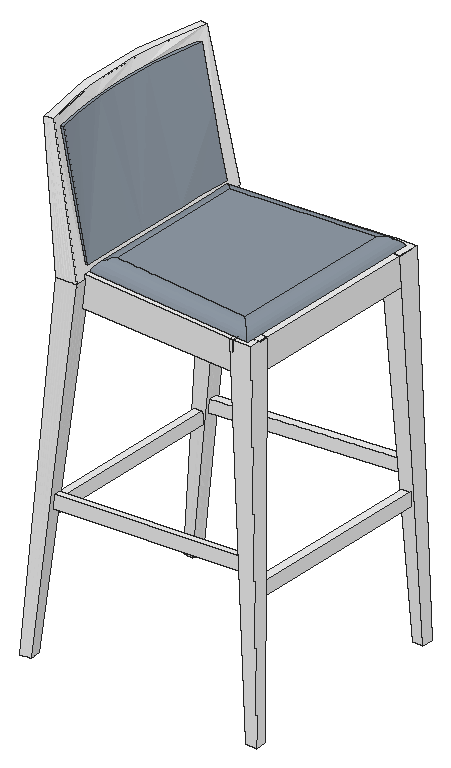
Revit family "FU_Stool_Sandler_FLAME 3-1", category Furniture, Revit 2020
Family settings
  OmniClass Number = 23.21.23.15.17
  Work Plane-Based = Yes
  Always vertical = No
  Cut with Voids When Loaded = No
  Shared = No
  Room Calculation Point = No
Parameters (values of type "FLAME 3.1")
  Youtube clip = ""
  Uniformat II Description = "Movable Furnishings"
  Uniformat II Code = ""
  Uniclass 2015 Name = ""
  Uniclass 2015 Code = ""
  Uniclass 2.0 Description = ""
  Uniclass 2.0 Code = ""
  Uniclass 1.4 Description = ""
  Uniclass 1.4 Code = ""
  UNSPSC Code = ""
  Technical description = ""
  Shell Material = Fabric - Gravity - Frozen CPC27
  Frame Material = Wood - Beech - 9003 White Matt
  Region South America = "All"
  Region Oceania = "All"
  Region North America = "All"
  Region Middle East = "All"
  Region Europe = "All"
  Region Asia = "All"
  Region Antarctica = "All"
  Region Africa = "All"
  QR code = "https://www.sandlerseating.com/product/flame-3-1/"
  Product url = "https://www.sandlerseating.com/product/flame-3-1/"
  Product name = "FLAME 3.1"
  Product group = "Chair"
  Product family = "Furniture"
  Product data url = "https://www.sandlerseating.com/product/flame-3-1/"
  Product certification = ""
  Product SKU = "??"
  Product Guid = "??"
  OmniClass Description = ""
  OmniClass Code = "23-21 23 15 17"
  NBS Reference Description = ""
  NBS Reference Code = ""
  Model = "FLAME 3.1"
  Masterformat 2014 Description = "Chair Mats"
  Masterformat 2014 Code = "12 48 43.13"
  Manufacturer name = "Sandler"
  Manufacturer country = "USA"
  Manufacturer = "Sandler"
  Installation instructions = ""
  IFC Classification = "Furnishing Element"
  GTIN code = ""
  Edition number = 1
  Design country = "Brasil"
  Description = "Chair"
  Default Elevation = 0.000 mm
  Date of publishing = ""
  COBIe Type Category = ""
  Brand url = "https://www.sandlerseating.com/"
  BIMobject main category code = "furniture"
  BIMobject main category = "Furniture"
  BIMobject category code = "furniture-chair"
  BIMobject category = "Chair"
Reference planes
  plane 1 "Center Front/Back": y = 0
  plane 2: z = 0
  plane 3 "Center Left/Right": x = 0
Forms (mm)
  Blend 1, solid, material "Wood - Beech - 9003 White Matt" <- "Frame Material"
    base sketch origin (0, 0, 840) x (0, -1, 0) y (1, 0, 0)
      loop
        line (206.428, -244.245) -> (202.227, -228.065)
        arc (202.227, -228.065) -> (-0.191, -253.913) -> (-202.608, -228.065) r 805.507
        line (-202.608, -228.065) -> (-206.809, -244.245)
        arc (-206.809, -244.245) -> (-0.191, -271.195) -> (206.428, -244.245) r 805.507
    top sketch origin (0, 0, 840) x (0, -1, 0) y (1, 0, 0)
      loop
        line (212.798, -170.814) -> (-216.181, -170.814) -> (-216.181, -215.269) -> (212.798, -215.269) -> (212.798, -170.814)
    from 176.957 to -111.665
  Blend 2, solid, material "Wood - Beech - 9003 White Matt" <- "Frame Material"
    base sketch origin (0, 0, 840) x (0, -1, 0) y (1, 0, 0)
      loop
        line (212.798, -170.814) -> (179.118, -170.814) -> (179.118, -215.269) -> (212.798, -215.269) -> (212.798, -170.814)
    top sketch origin (0, 0, 840) x (0, -1, 0) y (1, 0, 0)
      loop
        line (227.59, -278.14) -> (224.456, -255.841) -> (203.319, -258.812) -> (206.453, -281.11) -> (227.59, -278.14)
    from -111.665 to -840
  Blend 3, solid, material "Wood - Beech - 9003 White Matt" <- "Frame Material"
    base sketch origin (0, 0, 840) x (0, 1, 0) y (-1, 0, 0)
      loop
        line (212.798, 170.814) -> (212.798, 215.269) -> (179.118, 215.269) -> (179.118, 170.814) -> (212.798, 170.814)
    top sketch origin (0, 0, 840) x (0, 1, 0) y (-1, 0, 0)
      loop
        line (227.59, 278.14) -> (206.453, 281.11) -> (203.319, 258.812) -> (224.456, 255.841) -> (227.59, 278.14)
    from -111.665 to -840
  Blend 4, solid, material "Wood - Beech - 9003 White Matt" <- "Frame Material"
    base sketch origin (0, 0, 840) x (0, -1, 0) y (1, 0, 0)
      loop
        line (218.062, 156.436) -> (218.062, 199.544) -> (174.709, 199.544) -> (174.709, 156.436) -> (218.062, 156.436)
    top sketch origin (0, 0, 840) x (0, -1, 0) y (1, 0, 0)
      loop
        line (230.447, 199.544) -> (230.447, 221.783) -> (207.908, 221.783) -> (207.908, 199.544) -> (230.447, 199.544)
    from -97.151 to -840
  Blend 5, solid, material "Wood - Beech - 9003 White Matt" <- "Frame Material"
    base sketch origin (0, 0, 840) x (0, 1, 0) y (-1, 0, 0)
      loop
        line (218.062, -156.436) -> (174.709, -156.436) -> (174.709, -199.544) -> (218.062, -199.544) -> (218.062, -156.436)
    top sketch origin (0, 0, 840) x (0, 1, 0) y (-1, 0, 0)
      loop
        line (230.447, -199.544) -> (207.908, -199.544) -> (207.908, -221.783) -> (230.447, -221.783) -> (230.447, -199.544)
    from -97.151 to -840
  Blend 6, solid, material "Wood - Beech - 9003 White Matt" <- "Frame Material"
    base sketch origin (0, 0, 0) x (0, 1, 0) y (0, 0, 1)
      loop
        line (-218.062, 742.849) -> (-218.062, 682.971) -> (-204.937, 682.971) -> (-204.937, 742.849) -> (-218.062, 742.849)
    top sketch origin (0, 0, 0) x (0, 1, 0) y (0, 0, 1)
      loop
        line (-189.653, 672.324) -> (-174.929, 672.324) -> (-174.929, 737.913) -> (-189.653, 737.913) -> (-189.653, 672.324)
    from 161.383 to -192.54
  Blend 7, solid, material "Wood - Beech - 9003 White Matt" <- "Frame Material"
    base sketch origin (0, 0, 0) x (0, -1, 0) y (0, 0, -1)
      loop
        line (-218.062, -742.849) -> (-204.937, -742.849) -> (-204.937, -682.971) -> (-218.062, -682.971) -> (-218.062, -742.849)
    top sketch origin (0, 0, 0) x (0, -1, 0) y (0, 0, -1)
      loop
        line (-189.653, -672.324) -> (-189.653, -737.913) -> (-174.929, -737.913) -> (-174.929, -672.324) -> (-189.653, -672.324)
    from 161.383 to -192.54
  Extrusion 8, void
    sketch origin (0, 0, 0) x (0, 1, 0) y (0, 0, 1)
      loop
        line (-184.086, 995.677) -> (-184.086, 753.309) -> (179.487, 753.309) -> (179.487, 995.677) -> (-184.086, 995.677)
    from -292.998 to -149.212
  Blend 9, solid, material "Fabric - Gravity - Frozen CPC27" <- "Shell Material"
    base sketch origin (0, 0, 840) x (0, -1, 0) y (1, 0, 0)
      loop
        line (208.187, -251.02) -> (200.468, -221.289)
        arc (200.468, -221.289) -> (-0.191, -246.913) -> (-200.849, -221.289) r 798.507
        line (-200.849, -221.289) -> (-208.568, -251.02)
        arc (-208.568, -251.02) -> (-0.191, -278.195) -> (208.187, -251.02) r 812.507
    top sketch origin (0, 0, 840) x (0, -1, 0) y (1, 0, 0)
      loop
        line (212.798, -222.269) -> (212.798, -163.814) -> (-216.181, -163.814) -> (-216.181, -222.269) -> (212.798, -222.269)
    from 176.957 to -111.665
  Extrusion 10, void
    sketch origin (0, 0, 0) x (0, 1, 0) y (0, 0, 1)
      loop
        line (-184.086, 995.677) -> (-184.086, 753.309) -> (179.487, 753.309) -> (179.487, 995.677) -> (-184.086, 995.677)
      loop
        line (-306.176, 1081.033) -> (-306.176, 681.033) -> (293.824, 681.033) -> (293.824, 1081.033) -> (-306.176, 1081.033)
    from -292.998 to -149.212
  Blend 11, solid, material "Wood - Beech - 9003 White Matt" <- "Frame Material"
    base sketch origin (0, 0, 0) x (0, 1, 0) y (0, 0, 1)
      loop
        line (-218.984, 341.9) -> (-218.984, 314.337) -> (-203.886, 314.337) -> (-203.886, 341.9) -> (-218.984, 341.9)
    top sketch origin (0, 0, 0) x (0, 1, 0) y (0, 0, 1)
      loop
        line (-211.675, 316.109) -> (-211.675, 288.589) -> (-197.037, 288.589) -> (-197.037, 316.109) -> (-211.675, 316.109)
    from 187.53 to -226.537
  Blend 12, solid, material "Wood - Beech - 9003 White Matt" <- "Frame Material"
    base sketch origin (0, 0, 0) x (0, -1, 0) y (0, 0, -1)
      loop
        line (-218.062, -742.849) -> (-204.937, -742.849) -> (-204.937, -682.971) -> (-218.062, -682.971) -> (-218.062, -742.849)
    top sketch origin (0, 0, 0) x (0, -1, 0) y (0, 0, -1)
      loop
        line (-189.653, -672.324) -> (-189.653, -737.913) -> (-174.929, -737.913) -> (-174.929, -672.324) -> (-189.653, -672.324)
    from 161.383 to -192.54
  Blend 13, solid, material "Wood - Beech - 9003 White Matt" <- "Frame Material"
    base sketch origin (0, 0, 0) x (0, -1, 0) y (0, 0, -1)
      loop
        line (-218.984, -341.9) -> (-203.886, -341.9) -> (-203.886, -314.337) -> (-218.984, -314.337) -> (-218.984, -341.9)
    top sketch origin (0, 0, 0) x (0, -1, 0) y (0, 0, -1)
      loop
        line (-211.675, -316.109) -> (-197.037, -316.109) -> (-197.037, -288.589) -> (-211.675, -288.589) -> (-211.675, -316.109)
    from 187.53 to -226.537
  Extrusion 14, solid, material "Wood - Beech - 9003 White Matt" <- "Frame Material"
    sketch origin (0, 0, 0) x (-1, 0, 0) y (0, 0, 1)
      loop
        line (-187.472, 262.016) -> (-187.472, 290.491) -> (-205.852, 290.491) -> (-205.852, 262.016) -> (-187.472, 262.016)
    from -203.886 to 204.233
  Extrusion 15, solid, material "Wood - Beech - 9003 White Matt" <- "Frame Material"
    sketch origin (0, 0, 0) x (-1, 0, 0) y (0, 0, 1)
      loop
        line (247.608, 289.985) -> (231.884, 289.985) -> (231.884, 263.123) -> (247.608, 263.123) -> (247.608, 289.985)
    from -203.886 to 203.799
  Extrusion 16, solid, material "Wood - Beech - 9003 White Matt" <- "Frame Material"
    sketch origin (0, 0, 0) x (-1, 0, 0) y (0, 0, 1)
      loop
        line (-199.544, 742.849) -> (-199.544, 682.849) -> (-179.544, 682.849) -> (-179.544, 742.849) -> (-199.544, 742.849)
    from -193.749 to 204.937
  Extrusion 17, solid, material "Wood - Beech - 9003 White Matt" <- "Frame Material"
    sketch origin (0, 0, 0) x (-1, 0, 0) y (0, 0, 1)
      loop
        line (215.269, 728.335) -> (192.54, 728.335) -> (192.54, 672.324) -> (215.269, 672.324) -> (215.269, 728.335)
    from -193.749 to 204.937
  Extrusion 18, solid, material "Fabric - Gravity - Frozen CPC27" <- "Shell Material"
    sketch origin (0, 0, 840) x (0, -1, 0) y (1, 0, 0)
      loop
        line (179.892, -171.021) -> (211.435, 187.53) -> (-211.435, 187.53) -> (-179.892, -171.021) -> (179.892, -171.021)
    from -111.665 to -76.665
  Sweep 19, void
    path in 3D
      loop
        line (187.53, 211.435, 763.335) -> (-171.021, 179.892, 763.335) -> (-171.021, -179.892, 763.335) -> (187.53, -211.435, 763.335) -> (187.53, 211.435, 763.335)
    profile origin (187.53, 0, 763.335) x (-1, 0, 0) y (0, 0, 1)
      loop
        line (0, 0) -> (0, -35)
        arc (0, -35) -> (10.251, -10.251) -> (35, 0) r 35
        line (35, 0) -> (0, 0)
Cuts and joins
  Extrusion 8 cuts Blend 1
  Extrusion 10 cuts Blend 9
  Sweep 19 cuts Extrusion 18
Lines and regions (mm)
  sketch lines
    curve 1: line (187.53, -211.435, 763.335) -> (187.53, 211.435, 763.335)
    curve 2: line (187.53, 211.435, 763.335) -> (-171.021, 179.892, 763.335)
    curve 3: line (-171.021, 179.892, 763.335) -> (-171.021, -179.892, 763.335)
    curve 4: line (-171.021, -179.892, 763.335) -> (187.53, -211.435, 763.335)
Dimensions and locks
  aligned and locked: level to plane 2
